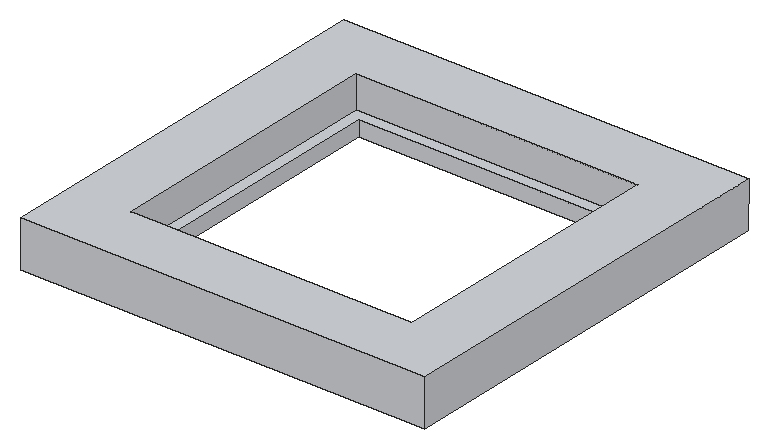
Revit family "Gira_021133", category Electrical Fixtures, host Face, Revit 2017
Family settings
  Host = Face
  Maintain Annotation Orientation = No
  Round Connector Dimension = Use Diameter
  Part Type = Normal
  Cut with Voids When Loaded = No
  Shared = No
  Room Calculation Point = No
Parameters
  Werkstoffgüte = "edelstahl"
  Werkstoff = "Metall"
  Verfügbar = "Ja"
  URL = "http://katalog.gira.de/de_DE/datenblatt.html?artikelnr=021133"
  Transparent = "Nein"
  Textfeld/Beschriftungsfläche = "Nein"
  Schutzart (IP) = "IP20"
  Region = "DE"
  Oberfläche = "sonstige"
  Name = "Abdeckrahmen 1f Gira E2 Edelstahl"
  Montagerichtung = "horizontal und vertikal"
  Mit Montagerahmen = "Nein"
  Mit Klappdeckel = "Nein"
  Manufacturer URL = "https://www.gira.de/"
  Kategorie = "Abdeckrahmen"
  Manufacturer = "Gira"
  HeinzeBIM = "https://bimportal.heinze.de/bim/abdeckrahmen-1f-gira-e2-edelstahl/577b57389ac0d764f240dbd69b3ebc6050a6b185"
  Halogenfrei = "Nein"
  HAN = "021133"
  Geeignet für Unterputz-Installation = "Ja"
  Geeignet für Unterflurkanaldose = "Nein"
  Geeignet für Geräteeinbaukanal = "Nein"
  Geeignet für Einbauinstallation = "Nein"
  GTIN = "4010337019794"
  Farbe = "edelstahl"
  Description = "Abdeckrahmen Gira E2 Edelstahl 1fach Hinweise : - Auch für Kanalinstallationen geeignet. - Abdeckrahmen (1- bis 5fach) in Verbindung mit Dichtungsset auch für die Montage wassergeschützt Unterputz IP44 geeignet."
  Data sheet (1) = "https://katalog.gira.de/de_DE/download.html?artikelnr=021133"
  Category = "Abdeckrahmen"
  Befestigungsart = "Klemmbefestigung"
  Keynote = "E2_Rahmen_1fach"
  Default Elevation = 1219.2 mm
  BIM (1) = "https://media.live.bim.site/public/gira/9fde4c0/E2_Rahmen_1fach.rfa"
  Available = "Yes"
  Anzahl der Einheiten vertikal = "1 "
  Anzahl der Einheiten horizontal = "1 "
  Anzahl der Einheiten = "1 "
Reference planes
  plane 1 "Center (Front/Back)": y = 0
  plane 2: z = 0
  plane 3 "Center (Left/Right)": x = 0
Forms (mm)
  Extrusion 1, solid, detail levels fine
    sketch origin (0, 0, 0) x (1, 0, 0) y (0, 1, 0)
      loop
        line (40.4, 40.4) -> (-40.4, 40.4) -> (-40.4, -40.4) -> (40.4, -40.4) -> (40.4, 40.4)
      loop
        line (-28.152, 28.1) -> (-28.152, -28.152) -> (28.1, -28.152) -> (28.1, 28.1) -> (-28.152, 28.1)
    from 0 to 9.3
  Extrusion 2, solid, detail levels fine
    sketch origin (0, 0, 0) x (1, 0, 0) y (0, 1, 0)
      loop
        line (-28.152, -28.152) -> (28.1, -28.152) -> (28.1, 28.1) -> (-28.152, 28.1) -> (-28.152, -28.152)
      loop
        line (25.7, -25.7) -> (25.7, 25.7) -> (-25.7, 25.7) -> (-25.7, -25.7) -> (25.7, -25.7)
    from 0 to 3
  Extrusion 3, solid, detail levels coarse+medium
    sketch origin (0, 0, 0) x (1, 0, 0) y (0, 1, 0)
      loop
        line (40.4, 40.4) -> (-40.4, 40.4) -> (-40.4, -40.4) -> (40.4, -40.4) -> (40.4, 40.4)
    from 0 to 9.3
Lines and regions (mm)
  reference lines
    curve 1: line (0, 40.4, 0) -> (0, -40.4, 0)
Dimensions and locks
  aligned and locked: plane 2 to host face
  aligned and locked: level to host face
